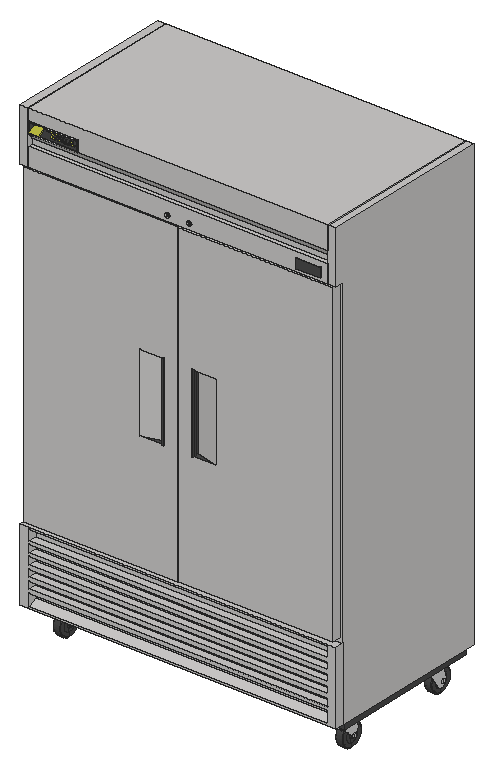
Revit family "QF_TRUE_TS-49F-HC_cat", category Specialty Equipment, Revit 2014
Parameters
  Width = 54 1/8"
  Weight = "440"
  Watts = Volts * FL Amps  # 1104 W
  Volts = 115 V
  URL Manufacturer = "www.truemfg.com"
  URL Cutsheet = "www.truemfg.com"
  URL = "www.truemfg.com"
  Type Mark [instance] = ""
  Type Comments = "www.truemfg.com"
  Status [instance] = ""
  Specification by User [instance] = ""
  Specification by Manufacturer = ""
  Show Seismic Flanged [instance] = no
  Show Logo [instance] = yes
  Show Legs [instance] = no
  Show Clearance [instance] = yes
  Serial Number = ""
  Seismic Rating = ""
  Seismic Plate [instance] = and(Show Seismic Flanged, not(Show Casters))  # no
  SMACNA No = ""
  Revision Code [instance] = ""
  Phase = 1
  Omniclass Number and Title = ""
  Number of Poles [instance] = 1
  NAFEM Spec ID Number = ""
  Model = "TS-49F-HC"
  Min Ckt Ampacity = 0 A
  Max Overcurrent Protection = 0 A
  MasterSpec. = ""
  Manufacturer = "TRUE FOOD SERVICE EQUIPMENT, INC."
  Legs [instance] = or(Show Legs, Show Seismic Flanged)  # no
  Item Number [instance] = ""
  Installed By [instance] = ""
  Identify Quantity as Lot [instance] = yes
  Height = 83 5/16"
  HP = "1/2"
  Furnished By [instance] = ""
  Foodservice Equipment Identifier [instance] = yes
  FL Amps = 9.6 A
  Electrical Remarks [instance] = "230-240/50/1"
  Electric Connection Type [instance] = ""
  Elec Conn RI Height [instance] = 0"
  Elec Conn Connection Height [instance] = 0"
  Description = "REACH-IN SOLID SWING DOOR STAINLESS STEEL FREEZER WITH HYDROCARBON REFRIGERANT"
  Depth = 29 1/2"
  Cycle = 60 Hz
  Conn Plug = "NEMA-5-15P"
  Conn Conduit = yes
  Show Casters [instance] = and(not(Show Legs), not(Show Seismic Flanged))  # yes
  CSI MasterFormat = ""
  CSI Master Format = ""
  Body Finish = QF_Finishes_Stainless Steel
  Base Height [instance] = if(Show Casters, 5", 6")  # 5"
  Apparent Power = if(Phase = 3, Volts * FL Amps * 1.73, Volts * FL Amps)  # 1104 VA
Reference planes (in)
  plane 1 "BACK": y = 0
  plane 2: z = 0
  plane 3 "LEFT": x = 0
  plane 4 "RIGHT": x = 54.125
  plane 5 "x": y = -31.09375
  plane 6 "TOP": z = 84.3125
  plane 7: z = 5
  plane 8 "FRONT": y = -29.5
  plane 9: z = 83.3125
Forms (in)
  Revolve 1, solid, material "QF_Finishes_Black", visible <- "Show Casters"
    sketch origin (53.28125, -23.20176, 0.5) x (-1, 0, 0) y (0, 0, -1)
      loop
        line (1.475, -3.5) -> (2.525, -3.5) -> (2.62908, -3.39592) -> (2.62908, -2.79941) -> (2.46399, -2.79941) -> (2.46399, -2.04941) -> (2.62908, -2.04941) -> (2.62908, -1.79941) -> (3.025, -1.79941) -> (3.025, -1.5) -> (0.975, -1.5) -> (0.975, -1.79941) -> (1.375, -1.79941) -> (1.375, -2.04941) -> (1.53601, -2.04941) -> (1.53601, -2.79941) -> (1.375, -2.79941) -> (1.375, -3.4) -> (1.475, -3.5)
      axis (3.025, -1.5) -> (0.975, -1.5)
    angle from 0 to 360
  Extrusion 2, solid, material "QF_Finishes_Handrails and Railings", visible <- "Show Casters"
    sketch origin (53.28125, -2.93273, 0.00141) x (0, 1, 0) y (0, 0, -1)
      loop
        line (-22.72048, -4.36074) -> (-19.97048, -4.36074) -> (-19.32266, -3.00185)
        arc (-19.32266, -3.00185) -> (-19.76408, -2.15178) -> (-20.72128, -2.18736) r 0.8952
        line (-20.72128, -2.18736) -> (-22.47048, -3.75589) -> (-22.72048, -3.75589) -> (-22.72048, -4.36074)
      loop
        line (-3.8577, -4.36074) -> (-1.1077, -4.36074) -> (-0.49013, -2.16805)
        arc (-0.49013, -2.16805) -> (-0.83033, -1.19773) -> (-1.8585, -1.18736) r 0.8952
        line (-1.8585, -1.18736) -> (-3.6077, -3.75589) -> (-3.8577, -3.75589) -> (-3.8577, -4.36074)
    from 1.175 to 1.325
  Extrusion 3, solid, material "QF_Finishes_Handrails and Railings", visible <- "Show Casters"
    sketch origin (51.78125, -2.93273, 0.00141) x (0, 1, 0) y (0, 0, -1)
      loop
        line (-22.72048, -4.36074) -> (-19.97048, -4.36074) -> (-19.32266, -3.00185)
        arc (-19.32266, -3.00185) -> (-19.76408, -2.15178) -> (-20.72128, -2.18736) r 0.8952
        line (-20.72128, -2.18736) -> (-22.47048, -3.75589) -> (-22.72048, -3.75589) -> (-22.72048, -4.36074)
      loop
        line (-3.8577, -4.36074) -> (-1.1077, -4.36074) -> (-0.49013, -2.16805)
        arc (-0.49013, -2.16805) -> (-0.83033, -1.19773) -> (-1.8585, -1.18736) r 0.8952
        line (-1.8585, -1.18736) -> (-3.6077, -3.75589) -> (-3.8577, -3.75589) -> (-3.8577, -4.36074)
    from 1.175 to 1.325
  Revolve 4, solid, material "QF_Finishes_Chrome - Satin", visible <- "Show Casters"
    sketch origin (53.28125, -24.38926, -1.49859) x (-1, 0, 0) y (0, 0, -1)
      loop
        line (2, -6.49859) -> (2, -5.86074) -> (0.70293, -5.86074) -> (0.70293, -6.49859) -> (2, -6.49859)
      axis (2, -5.86074) -> (2, -6.49859)
    angle from 0 to 360
  Revolve 5, solid, material "QF_Finishes_Chrome - Satin", visible <- "Show Casters"
    sketch origin (53.28125, -5.63594, -0.49859) x (-1, 0, 0) y (0, 0, -1)
      loop
        line (2, -4.86074) -> (0.70293, -4.86074) -> (0.70293, -5.49859) -> (2, -5.49859) -> (2, -4.86074)
      axis (2, -4.86074) -> (2, -5.49859)
    angle from 0 to 360
  Extrusion 6, solid, material "QF_Finishes_Handrails and Railings", visible <- "Show Casters"
    sketch origin (101.0625, -2.93273, 0.00141) x (0, 1, 0) y (0, 0, -1)
      loop
        line (-3.8577, -4.36074) -> (-1.1077, -4.36074) -> (-1.07167, -4.06727) -> (-3.6077, -3.75589) -> (-3.8577, -3.75589) -> (-3.8577, -4.36074)
      loop
        line (-22.72048, -4.36074) -> (-19.97048, -4.36074) -> (-19.93445, -4.06727) -> (-22.47048, -3.75589) -> (-22.72048, -3.75589) -> (-22.72048, -4.36074)
    from 49.10625 to 50.45625
  Revolve 7, solid, material "QF_Finishes_Black", visible <- "Show Casters"
    sketch origin (53.28125, -4.15148, 0.5) x (-1, 0, 0) y (0, 0, -1)
      loop
        line (1.475, -3.5) -> (2.525, -3.5) -> (2.62908, -3.39592) -> (2.62908, -2.79941) -> (2.46399, -2.79941) -> (2.46399, -2.04941) -> (2.62908, -2.04941) -> (2.62908, -1.79941) -> (3.025, -1.79941) -> (3.025, -1.5) -> (0.975, -1.5) -> (0.975, -1.79941) -> (1.375, -1.79941) -> (1.375, -2.04941) -> (1.53601, -2.04941) -> (1.53601, -2.79941) -> (1.375, -2.79941) -> (1.375, -3.4) -> (1.475, -3.5)
      axis (3.025, -1.5) -> (0.975, -1.5)
    angle from 0 to 360
  Revolve 8, solid, material "QF_Finishes_Black", visible <- "Show Casters"
    sketch origin (0.84375, -23.20176, 0.5) x (1, 0, 0) y (0, 0, 1)
      loop
        line (1.475, 3.5) -> (1.375, 3.4) -> (1.375, 2.79941) -> (1.53601, 2.79941) -> (1.53601, 2.04941) -> (1.375, 2.04941) -> (1.375, 1.79941) -> (0.975, 1.79941) -> (0.975, 1.5) -> (3.025, 1.5) -> (3.025, 1.79941) -> (2.62908, 1.79941) -> (2.62908, 2.04941) -> (2.46399, 2.04941) -> (2.46399, 2.79941) -> (2.62908, 2.79941) -> (2.62908, 3.39592) -> (2.525, 3.5) -> (1.475, 3.5)
      axis (3.025, 1.5) -> (0.975, 1.5)
    angle from 0 to 360
  Extrusion 9, solid, material "QF_Finishes_Handrails and Railings", visible <- "Show Casters"
    sketch origin (0.84375, -2.93273, 0.00141) x (0, 1, 0) y (0, 0, 1)
      loop
        line (-22.72048, 4.36074) -> (-22.72048, 3.75589) -> (-22.47048, 3.75589) -> (-20.72128, 2.18736)
        arc (-20.72128, 2.18736) -> (-19.76408, 2.15178) -> (-19.32266, 3.00185) r 0.8952
        line (-19.32266, 3.00185) -> (-19.97048, 4.36074) -> (-22.72048, 4.36074)
      loop
        line (-3.8577, 4.36074) -> (-3.8577, 3.75589) -> (-3.6077, 3.75589) -> (-1.8585, 2.18736)
        arc (-1.8585, 2.18736) -> (-0.83033, 2.19773) -> (-0.49013, 3.16805) r 0.8952
        line (-0.49013, 3.16805) -> (-1.1077, 4.36074) -> (-3.8577, 4.36074)
    from 1.175 to 1.325
  Revolve 10, solid, material "QF_Finishes_Chrome - Satin", visible <- "Show Casters"
    sketch origin (0.84375, -24.38926, -1.49859) x (1, 0, 0) y (0, 0, 1)
      loop
        line (2, 6.49859) -> (0.70293, 6.49859) -> (0.70293, 5.86074) -> (2, 5.86074) -> (2, 6.49859)
      axis (2, 5.86074) -> (2, 6.49859)
    angle from 0 to 360
  Revolve 11, solid, material "QF_Finishes_Chrome - Satin", visible <- "Show Casters"
    sketch origin (0.84375, -5.63594, -0.49859) x (1, 0, 0) y (0, 0, 1)
      loop
        line (2, 4.86074) -> (2, 5.49859) -> (0.70293, 5.49859) -> (0.70293, 4.86074) -> (2, 4.86074)
      axis (2, 4.86074) -> (2, 5.49859)
    angle from 0 to 360
  Extrusion 12, solid, material "QF_Finishes_Handrails and Railings", visible <- "Show Casters"
    sketch origin (-46.9375, -2.93273, 0.00141) x (0, 1, 0) y (0, 0, 1)
      loop
        line (-3.8577, 4.36074) -> (-3.8577, 3.75589) -> (-3.6077, 3.75589) -> (-1.07167, 4.06727) -> (-1.1077, 4.36074) -> (-3.8577, 4.36074)
      loop
        line (-22.72048, 4.36074) -> (-22.72048, 3.75589) -> (-22.47048, 3.75589) -> (-19.93445, 4.06727) -> (-19.97048, 4.36074) -> (-22.72048, 4.36074)
    from 49.10625 to 50.45625
  Revolve 13, solid, material "QF_Finishes_Black", visible <- "Show Casters"
    sketch origin (0.84375, -4.15148, 0.5) x (1, 0, 0) y (0, 0, 1)
      loop
        line (1.475, 3.5) -> (1.375, 3.4) -> (1.375, 2.79941) -> (1.53601, 2.79941) -> (1.53601, 2.04941) -> (1.375, 2.04941) -> (1.375, 1.79941) -> (0.975, 1.79941) -> (0.975, 1.5) -> (3.025, 1.5) -> (3.025, 1.79941) -> (2.62908, 1.79941) -> (2.62908, 2.04941) -> (2.46399, 2.04941) -> (2.46399, 2.79941) -> (2.62908, 2.79941) -> (2.62908, 3.39592) -> (2.525, 3.5) -> (1.475, 3.5)
      axis (3.025, 1.5) -> (0.975, 1.5)
    angle from 0 to 360
  Revolve 14, solid, material "QF_Finishes_Stainless Steel" <- "Body Finish", visible <- "Legs"
    sketch origin (0.84375, -23.09219, 0) x (1, 0, 0) y (0, 0, 1)
      loop
        line (2, 5) -> (0.68084, 5) -> (1.25, 1) -> (1.5, 1) -> (1.5, 0) -> (2, 0) -> (2, 5)
      axis (2, 0) -> (2, 5)
    angle from 0 to 360
  Revolve 15, solid, material "QF_Finishes_Stainless Steel" <- "Body Finish", visible <- "Legs"
    sketch origin (0.84375, -4.15148, 0) x (1, 0, 0) y (0, 0, -1)
      loop
        line (2, -5) -> (2, 0) -> (1.5, 0) -> (1.5, -1) -> (1.25, -1) -> (0.68084, -5) -> (2, -5)
      axis (2, 0) -> (2, -5)
    angle from 0 to 360
  Extrusion 16, solid, material "QF_Finishes_Stainless Steel" <- "Body Finish", visible <- "Seismic Plate"
    sketch origin (-0.22541, -2.45732, 0) x (1, 0, 0) y (0, 1, 0)
      loop
        circle (3.06916, -1.69416) r 1.5
    from 0 to 0.25
  Extrusion 17, solid, material "QF_Finishes_Stainless Steel" <- "Body Finish", visible <- "Seismic Plate"
    sketch origin (-0.22541, -21.39804, 0) x (1, 0, 0) y (0, 1, 0)
      loop
        circle (3.06916, -1.69416) r 1.5
    from 0 to 0.25
  Revolve 18, solid, material "QF_Finishes_Stainless Steel" <- "Body Finish", visible <- "Legs"
    sketch origin (53.28125, -23.09219, 0) x (-1, 0, 0) y (0, 0, -1)
      loop
        line (2, -5) -> (2, 0) -> (1.5, 0) -> (1.5, -1) -> (1.25, -1) -> (0.68084, -5) -> (2, -5)
      axis (2, 0) -> (2, -5)
    angle from 0 to 360
  Revolve 19, solid, material "QF_Finishes_Stainless Steel" <- "Body Finish", visible <- "Legs"
    sketch origin (53.28125, -4.15148, 0) x (-1, 0, 0) y (0, 0, 1)
      loop
        line (2, 5) -> (0.68084, 5) -> (1.25, 1) -> (1.5, 1) -> (1.5, 0) -> (2, 0) -> (2, 5)
      axis (2, 0) -> (2, 5)
    angle from 0 to 360
  Extrusion 20, solid, material "QF_Finishes_Stainless Steel" <- "Body Finish", visible <- "Seismic Plate"
    sketch origin (54.35041, -2.45732, 0) x (-1, 0, 0) y (0, -1, 0)
      loop
        circle (3.06916, 1.69416) r 1.5
    from 0 to 0.25
  Extrusion 21, solid, material "QF_Finishes_Stainless Steel" <- "Body Finish", visible <- "Seismic Plate"
    sketch origin (54.35041, -21.39804, 0) x (-1, 0, 0) y (0, -1, 0)
      loop
        circle (3.06916, 1.69416) r 1.5
    from 0 to 0.25
  Extrusion 22, solid, material "QF_Finishes_Chrome - Satin"
    sketch origin (0, 0, 0) x (1, 0, 0) y (0, 0, 1)
      loop
        circle (6.0625, 12) r 0.25
    from 0 to 0.0625
  Extrusion 23, solid, material "QF_Finishes_Handrails and Railings", visible <- "Show Casters"
    sketch origin (4.84375, -2.93273, 0.00141) x (0, 1, 0) y (0, 0, -1)
      loop
        line (-22.72048, -4.36074) -> (-19.97048, -4.36074) -> (-19.32266, -3.00185)
        arc (-19.32266, -3.00185) -> (-19.76408, -2.15178) -> (-20.72128, -2.18736) r 0.8952
        line (-20.72128, -2.18736) -> (-22.47048, -3.75589) -> (-22.72048, -3.75589) -> (-22.72048, -4.36074)
      loop
        line (-3.8577, -4.36074) -> (-1.1077, -4.36074) -> (-0.49013, -3.16805)
        arc (-0.49013, -3.16805) -> (-0.83033, -2.19773) -> (-1.8585, -2.18736) r 0.8952
        line (-1.8585, -2.18736) -> (-3.6077, -3.75589) -> (-3.8577, -3.75589) -> (-3.8577, -4.36074)
    from 1.175 to 1.325
Lines and regions (in)
  symbolic lines, style "SpecialityEquipmentHiddenLines", visible <- "Show Casters"
    curve 1: line (1.38909, -5.62103, 0) -> (2.29841, -6.14603, 0)
    curve 2: line (3.38909, -2.15693, 0) -> (1.38909, -5.62103, 0)
    curve 3: line (4.29841, -2.68193, 0) -> (3.38909, -2.15693, 0)
    curve 4: line (2.29841, -6.14603, 0) -> (4.29841, -2.68193, 0)
    curve 5: line (49.82659, -5.62103, 0) -> (50.73591, -6.14603, 0)
    curve 6: line (51.82659, -2.15693, 0) -> (49.82659, -5.62103, 0)
    curve 7: line (52.73591, -2.68193, 0) -> (51.82659, -2.15693, 0)
    curve 8: line (50.73591, -6.14603, 0) -> (52.73591, -2.68193, 0)
    curve 9: line (1.38909, -24.67131, 0) -> (2.29841, -25.19631, 0)
    curve 10: line (3.38909, -21.20721, 0) -> (1.38909, -24.67131, 0)
    curve 11: line (4.29841, -21.73221, 0) -> (3.38909, -21.20721, 0)
    curve 12: line (2.29841, -25.19631, 0) -> (4.29841, -21.73221, 0)
    curve 13: line (49.82659, -24.67131, 0) -> (50.73591, -25.19631, 0)
    curve 14: line (51.82659, -21.20721, 0) -> (49.82659, -24.67131, 0)
    curve 15: line (52.73591, -21.73221, 0) -> (51.82659, -21.20721, 0)
    curve 16: line (50.73591, -25.19631, 0) -> (52.73591, -21.73221, 0)
Dimensions and locks (in)
  "Width": plane 3 "LEFT" to plane 4 "RIGHT"
  "Base Height": plane 7 to level
  locked: plane 7 to Revolve 8 sketch curve at 3
  locked: plane 7 to Revolve 13 sketch curve at 3
  plane 1 "BACK" to plane 5 "x" = 31 3/32"
  Extrusion 22 sketch curve to Extrusion 22 sketch curve to plane 7 = 1/2" locked, 6 3/4" locked
  "Height": nested 1 to level
  "Depth": plane 8 "FRONT" to plane 1 "BACK"
  plane 5 "x" to plane 1 "BACK" = 31 3/32"
  aligned and locked: level to plane 2
  aligned and locked: plane 7 to Revolve 4  (x2)
  aligned and locked: Revolve 4 to Extrusion 3
  aligned and locked: Revolve 11 to Revolve 10
  aligned and locked: Revolve 10 to plane 7  (x2)
  aligned and locked: Revolve 11 to plane 7
  aligned and locked: Revolve 5 to Revolve 4
  aligned and locked: plane 7 to Revolve 5
  aligned and locked: plane 1 "BACK" to nested 1
  aligned and locked: plane 3 "LEFT" to nested 1
  aligned and locked: plane 7 to nested 1
Automatic sketch dimensions
  Revolve 1 sketch curve to plane 4 "RIGHT" = 1.33602"
  Revolve 1 sketch curve to Revolve 1 sketch curve = 0.48273"
  Revolve 1 sketch curve to Revolve 1 sketch curve = 0.4"  (x2)
  Revolve 1 sketch curve to Revolve 1 sketch curve = 0.1"  (x2)
  Revolve 1 sketch curve to Revolve 1 sketch curve = 0.16101"
  Revolve 1 sketch curve to Revolve 1 sketch curve = 0.59307"
  Revolve 1 sketch curve to Revolve 1 sketch curve = 0.92798"
  Revolve 1 sketch curve to Revolve 1 sketch curve = 0.06101"
  Revolve 1 sketch curve to Revolve 1 sketch curve = 0.16509"  (x2)
  Revolve 1 sketch curve to Revolve 1 sketch curve = 0.39592"
  Revolve 1 sketch curve to plane 7 = 1"
  Revolve 1 sketch curve to Revolve 1 sketch curve = 0.10408"
  Revolve 1 sketch curve to Revolve 1 sketch curve = 0.59652"
  Revolve 1 sketch curve to Revolve 1 sketch curve = 0.60059"
  Revolve 1 sketch curve to Revolve 1 sketch curve = 3/4"  (x2)
  Revolve 1 sketch curve to Revolve 1 sketch curve = 1/4"  (x2)
  Revolve 1 sketch curve to Revolve 1 sketch curve = 0.29941"  (x2)
  Extrusion 2 sketch curve to plane 7 = 1.24271"  (x2)
  Extrusion 2 sketch curve to plane 5 "x" = 5.44054"
  Extrusion 2 sketch curve to Extrusion 2 sketch curve = 1/4"  (x2)
  level to Extrusion 2 sketch curve = 2.18876"
  Extrusion 2 sketch curve to Extrusion 2 sketch curve = 1.7492"  (x2)
  Extrusion 2 sketch curve to Extrusion 2 sketch curve = 0.50669"  (x2)
  Extrusion 2 sketch curve to plane 7 = 0.63785"  (x2)
  Extrusion 2 sketch curve to Extrusion 2 sketch curve = 0.24411"  (x2)
  Extrusion 2 sketch curve to Extrusion 2 sketch curve = 0.89192"
  plane 1 "BACK" to Extrusion 2 sketch curve = 6.79043"
  level to Extrusion 2 sketch curve = 1.18876"
  Extrusion 2 sketch curve to Extrusion 2 sketch curve = 0.86168"
  Extrusion 2 sketch curve to Extrusion 2 sketch curve = 1.35889"
  Extrusion 2 sketch curve to Extrusion 2 sketch curve = 0.98069"
  Extrusion 3 sketch curve to plane 7 = 1.24271"  (x2)
  Extrusion 3 sketch curve to plane 5 "x" = 5.44054"
  Extrusion 3 sketch curve to Extrusion 3 sketch curve = 1/4"  (x2)
  level to Extrusion 3 sketch curve = 2.18876"
  Extrusion 3 sketch curve to Extrusion 3 sketch curve = 1.7492"  (x2)
  Extrusion 3 sketch curve to Extrusion 3 sketch curve = 0.50669"  (x2)
  Extrusion 3 sketch curve to plane 7 = 0.63785"  (x2)
  Extrusion 3 sketch curve to Extrusion 3 sketch curve = 0.24411"  (x2)
  Extrusion 3 sketch curve to Extrusion 3 sketch curve = 0.89192"
  plane 1 "BACK" to Extrusion 3 sketch curve = 6.79043"
  level to Extrusion 3 sketch curve = 1.18876"
  Extrusion 3 sketch curve to Extrusion 3 sketch curve = 0.86168"
  Extrusion 3 sketch curve to Extrusion 3 sketch curve = 1.35889"
  Extrusion 3 sketch curve to Extrusion 3 sketch curve = 0.98069"
  Revolve 4 sketch curve to plane 7 = 0"
  Revolve 4 sketch curve to plane 4 "RIGHT" = 1.54668"
  Revolve 4 sketch curve to Revolve 4 sketch curve = 1.29707"
  Revolve 4 sketch curve to Revolve 4 sketch curve = 0"
  Revolve 4 sketch curve to Revolve 4 sketch curve = 0.26909"
  Revolve 4 sketch curve to plane 7 = 0.63785"
  Revolve 4 sketch curve to Revolve 4 sketch curve = 0.09306"
  Revolve 5 sketch curve to plane 7 = 0"
  Revolve 5 sketch curve to plane 7 = 0.63785"
  Revolve 5 sketch curve to plane 4 "RIGHT" = 1.54668"
  Revolve 5 sketch curve to Revolve 5 sketch curve = 1.29707"
  Revolve 5 sketch curve to Revolve 5 sketch curve = 0"
  plane 7 to Revolve 5 sketch curve = 0.26909"
  Revolve 5 sketch curve to Revolve 5 sketch curve = 0.09306"
  Extrusion 6 sketch curve to plane 7 = 0.63785"  (x2)
  Extrusion 6 sketch curve to plane 5 "x" = 5.44054"
  Extrusion 6 sketch curve to plane 7 = 1.24271"  (x2)
  Extrusion 6 sketch curve to Extrusion 6 sketch curve = 1/4"  (x2)
  Extrusion 6 sketch curve to Extrusion 6 sketch curve = 2 1/2"  (x2)
  Extrusion 6 sketch curve to plane 7 = 0.93132"  (x2)
  plane 1 "BACK" to Extrusion 6 sketch curve = 6.79043"
  Revolve 7 sketch curve to plane 4 "RIGHT" = 1.33602"
  Revolve 7 sketch curve to Revolve 7 sketch curve = 0.48273"
  Revolve 7 sketch curve to Revolve 7 sketch curve = 0.4"  (x2)
  Revolve 7 sketch curve to Revolve 7 sketch curve = 0.1"  (x2)
  Revolve 7 sketch curve to Revolve 7 sketch curve = 0.16101"
  Revolve 7 sketch curve to Revolve 7 sketch curve = 0.59307"
  Revolve 7 sketch curve to Revolve 7 sketch curve = 0.92798"
  Revolve 7 sketch curve to Revolve 7 sketch curve = 0.06101"
  Revolve 7 sketch curve to Revolve 7 sketch curve = 0.16509"  (x2)
  Revolve 7 sketch curve to Revolve 7 sketch curve = 0.39592"
  Revolve 7 sketch curve to plane 7 = 1"
  Revolve 7 sketch curve to Revolve 7 sketch curve = 0.10408"
  Revolve 7 sketch curve to Revolve 7 sketch curve = 0.59652"
  Revolve 7 sketch curve to Revolve 7 sketch curve = 0.60059"
  Revolve 7 sketch curve to Revolve 7 sketch curve = 3/4"  (x2)
  Revolve 7 sketch curve to Revolve 7 sketch curve = 1/4"  (x2)
  Revolve 7 sketch curve to Revolve 7 sketch curve = 0.29941"  (x2)
  plane 3 "LEFT" to Revolve 8 sketch curve = 1.33602"
  Revolve 8 sketch curve to Revolve 8 sketch curve = 0.48273"
  Revolve 8 sketch curve to Revolve 8 sketch curve = 0.4"  (x2)
  Revolve 8 sketch curve to Revolve 8 sketch curve = 0.1"  (x2)
  Revolve 8 sketch curve to Revolve 8 sketch curve = 0.16101"
  Revolve 8 sketch curve to Revolve 8 sketch curve = 0.59307"
  Revolve 8 sketch curve to Revolve 8 sketch curve = 0.92798"
  Revolve 8 sketch curve to Revolve 8 sketch curve = 0.06101"
  Revolve 8 sketch curve to Revolve 8 sketch curve = 0.16509"  (x2)
  Revolve 8 sketch curve to Revolve 8 sketch curve = 0.39592"
  Revolve 8 sketch curve to Revolve 8 sketch curve = 0"
  Revolve 8 sketch curve to Revolve 8 sketch curve = 0.29941"  (x2)
  Revolve 8 sketch curve to Revolve 8 sketch curve = 1/4"  (x2)
  Revolve 8 sketch curve to Revolve 8 sketch curve = 3/4"  (x2)
  Revolve 8 sketch curve to Revolve 8 sketch curve = 0.59652"
  Revolve 8 sketch curve to Revolve 8 sketch curve = 0.60059"
  Extrusion 9 sketch curve to plane 7 = 1.24271"  (x2)
  Extrusion 9 sketch curve to plane 5 "x" = 5.44054"
  Extrusion 9 sketch curve to Extrusion 9 sketch curve = 1/4"  (x2)
  level to Extrusion 9 sketch curve = 2.18876"  (x2)
  Extrusion 9 sketch curve to Extrusion 9 sketch curve = 1.7492"  (x2)
  Extrusion 9 sketch curve to Extrusion 9 sketch curve = 0.50669"  (x2)
  Extrusion 9 sketch curve to plane 7 = 0.63785"  (x2)
  Extrusion 9 sketch curve to Extrusion 9 sketch curve = 0.24411"  (x2)
  Extrusion 9 sketch curve to Extrusion 9 sketch curve = 0.89192"
  plane 1 "BACK" to Extrusion 9 sketch curve = 6.79043"
  Extrusion 9 sketch curve to Extrusion 9 sketch curve = 0.86168"
  Extrusion 9 sketch curve to Extrusion 9 sketch curve = 0.738"  (x2)
  Revolve 10 sketch curve to plane 7 = 0"
  plane 3 "LEFT" to Revolve 10 sketch curve = 1.54668"
  Revolve 10 sketch curve to Revolve 10 sketch curve = 1.29707"
  Revolve 10 sketch curve to Revolve 10 sketch curve = 0"
  Revolve 10 sketch curve to Revolve 10 sketch curve = 0.63785"
  Revolve 10 sketch curve to Revolve 10 sketch curve = 0.09306"
  plane 7 to Revolve 10 sketch curve = 0.26909"
  Revolve 11 sketch curve to plane 7 = 0"
  Revolve 11 sketch curve to plane 7 = 0.63785"
  plane 3 "LEFT" to Revolve 11 sketch curve = 1.54668"
  Revolve 11 sketch curve to Revolve 11 sketch curve = 1.29707"
  Revolve 11 sketch curve to Revolve 11 sketch curve = 0"
  Revolve 11 sketch curve to Revolve 11 sketch curve = 0.09306"
  Revolve 11 sketch curve to Revolve 11 sketch curve = 0.26909"
  Extrusion 12 sketch curve to plane 7 = 0.63785"  (x2)
  Extrusion 12 sketch curve to plane 5 "x" = 5.44054"
  Extrusion 12 sketch curve to plane 7 = 1.24271"  (x2)
  Extrusion 12 sketch curve to Extrusion 12 sketch curve = 1/4"  (x2)
  Extrusion 12 sketch curve to Extrusion 12 sketch curve = 2 1/2"  (x2)
  Extrusion 12 sketch curve to plane 7 = 0.93132"  (x2)
  plane 1 "BACK" to Extrusion 12 sketch curve = 6.79043"
  plane 3 "LEFT" to Revolve 13 sketch curve = 1.33602"
  Revolve 13 sketch curve to Revolve 13 sketch curve = 0.48273"
  Revolve 13 sketch curve to Revolve 13 sketch curve = 0.4"  (x2)
  Revolve 13 sketch curve to Revolve 13 sketch curve = 0.1"  (x2)
  Revolve 13 sketch curve to Revolve 13 sketch curve = 0.16101"
  Revolve 13 sketch curve to Revolve 13 sketch curve = 0.59307"
  Revolve 13 sketch curve to Revolve 13 sketch curve = 0.92798"
  Revolve 13 sketch curve to Revolve 13 sketch curve = 0.06101"
  Revolve 13 sketch curve to Revolve 13 sketch curve = 0.16509"  (x2)
  Revolve 13 sketch curve to Revolve 13 sketch curve = 0.39592"
  Revolve 13 sketch curve to Revolve 13 sketch curve = 0"
  Revolve 13 sketch curve to Revolve 13 sketch curve = 0.29941"  (x2)
  Revolve 13 sketch curve to Revolve 13 sketch curve = 1/4"  (x2)
  Revolve 13 sketch curve to Revolve 13 sketch curve = 3/4"  (x2)
  Revolve 13 sketch curve to Revolve 13 sketch curve = 0.59652"
  Revolve 13 sketch curve to Revolve 13 sketch curve = 0.60059"
  Revolve 14 sketch curve to plane 7 = 0"
  Revolve 14 sketch curve to level = 0"
  plane 3 "LEFT" to Revolve 14 sketch curve = 1.52459"
  level to Revolve 14 sketch curve = 1"
  plane 3 "LEFT" to Revolve 14 sketch curve = 2 3/32"
  Revolve 14 sketch curve to Revolve 14 sketch curve = 1/4"
  Revolve 14 sketch curve to Revolve 14 sketch curve = 1/2"  (x2)
  Revolve 14 sketch curve to Revolve 14 sketch curve = 0"
  plane 7 to Revolve 14 sketch curve = 1 29/32"
  Revolve 15 sketch curve to plane 7 = 0"
  Revolve 15 sketch curve to level = 0"
  plane 3 "LEFT" to Revolve 15 sketch curve = 1.52459"
  level to Revolve 15 sketch curve = 1"
  plane 3 "LEFT" to Revolve 15 sketch curve = 2 3/32"
  Revolve 15 sketch curve to Revolve 15 sketch curve = 1/4"
  Revolve 15 sketch curve to Revolve 15 sketch curve = 1/2"  (x2)
  Revolve 15 sketch curve to Revolve 15 sketch curve = 0"
  plane 7 to Revolve 15 sketch curve = 1 29/32"
  plane 3 "LEFT" to Extrusion 16 sketch curve = 2 27/32"
  plane 1 "BACK" to Extrusion 16 sketch curve = 4.15148"
  plane 3 "LEFT" to Extrusion 17 sketch curve = 2 27/32"
  Extrusion 17 sketch curve to plane 5 "x" = 8.00156"
  Revolve 18 sketch curve to plane 7 = 0"
  Revolve 18 sketch curve to level = 0"
  Revolve 18 sketch curve to plane 4 "RIGHT" = 1.52459"
  level to Revolve 18 sketch curve = 1"
  Revolve 18 sketch curve to plane 4 "RIGHT" = 2 3/32"
  Revolve 18 sketch curve to Revolve 18 sketch curve = 1/4"
  Revolve 18 sketch curve to Revolve 18 sketch curve = 1/2"  (x2)
  Revolve 18 sketch curve to Revolve 18 sketch curve = 0"
  plane 7 to Revolve 18 sketch curve = 1 29/32"
  Revolve 19 sketch curve to plane 7 = 0"
  Revolve 19 sketch curve to level = 0"
  Revolve 19 sketch curve to plane 4 "RIGHT" = 1.52459"
  level to Revolve 19 sketch curve = 1"
  Revolve 19 sketch curve to plane 4 "RIGHT" = 2 3/32"
  Revolve 19 sketch curve to Revolve 19 sketch curve = 1/4"
  Revolve 19 sketch curve to Revolve 19 sketch curve = 1/2"  (x2)
  Revolve 19 sketch curve to Revolve 19 sketch curve = 0"
  plane 7 to Revolve 19 sketch curve = 1 29/32"
  Extrusion 20 sketch curve to plane 4 "RIGHT" = 2 27/32"
  plane 1 "BACK" to Extrusion 20 sketch curve = 4.15148"
  Extrusion 21 sketch curve to plane 4 "RIGHT" = 2 27/32"
  Extrusion 21 sketch curve to plane 5 "x" = 8.00156"
  plane 3 "LEFT" to Extrusion 22 sketch curve = 6 1/16"
  Extrusion 23 sketch curve to plane 7 = 1.24271"  (x2)
  Extrusion 23 sketch curve to plane 5 "x" = 5.44054"
  Extrusion 23 sketch curve to Extrusion 23 sketch curve = 1/4"  (x2)
  level to Extrusion 23 sketch curve = 2.18876"
  Extrusion 23 sketch curve to Extrusion 23 sketch curve = 1.7492"  (x2)
  Extrusion 23 sketch curve to Extrusion 23 sketch curve = 0.50669"  (x2)
  Extrusion 23 sketch curve to plane 7 = 0.63785"  (x2)
  Extrusion 23 sketch curve to Extrusion 23 sketch curve = 0.24411"  (x2)
  Extrusion 23 sketch curve to Extrusion 23 sketch curve = 0.89192"
  plane 1 "BACK" to Extrusion 23 sketch curve = 6.79043"
  Extrusion 23 sketch curve to Extrusion 23 sketch curve = 0.86168"
  Extrusion 23 sketch curve to Extrusion 23 sketch curve = 1.19269"
  Extrusion 23 sketch curve to Extrusion 23 sketch curve = 1.35889"
  Extrusion 23 sketch curve to Extrusion 23 sketch curve = 0.24269"
  plane 3 "LEFT" to curve 2 = 1.38909"
  plane 3 "LEFT" to curve 10 = 1.38909"
  curve 1 to curve 1 = 0.90933"
  curve 9 to curve 9 = 0.90933"
  plane 3 "LEFT" to curve 2 = 3.38909"
  plane 3 "LEFT" to curve 11 = 3.38909"
  curve 13 to plane 4 "RIGHT" = 4.29841"
  curve 6 to plane 4 "RIGHT" = 4.29841"
  curve 13 to curve 13 = 0.90933"
  curve 5 to curve 8 = 0.90933"
  curve 15 to plane 4 "RIGHT" = 2.29841"
  curve 7 to plane 4 "RIGHT" = 2.29841"
  curve 13 to curve 14 = 0.525"
  curve 9 to curve 10 = 0.525"
  plane 1 "BACK" to curve 8 = 6.14603"
  plane 1 "BACK" to curve 1 = 6.14603"
  curve 5 to curve 6 = 0.525"
  curve 1 to curve 2 = 0.525"
  curve 14 to plane 5 "x" = 9.88654"
  curve 11 to plane 5 "x" = 9.88654"
  radius of Extrusion 16 sketch curve = 1 1/2"
  radius of Extrusion 17 sketch curve = 1 1/2"
  radius of Extrusion 20 sketch curve = 1 1/2"
  radius of Extrusion 21 sketch curve = 1 1/2"
Nested families (in)
  nested 1: "TS-49-2" at (0, 0, -1), Logo <- "Show Logo", Show Clearance <- "Show Clearance", type "TS-49-2"
    with Type Mark "", Specification by User "", Show Clearance yes, Revision Code "", Logo yes, Item Number "", Installed By "", Identify Quantity as Lot yes, Furnished By "", Foodservice Equipment Identifier yes
Connectors (in)
  electrical at (6.0625, 0, 12), driven by "Volts", driven by "Watts"
    settings: on Extrusion 22, index 1, voltage 115 V, apparent load 1104 VA, apparent load phase1 0 VA, apparent load phase2 0 VA, apparent load phase3 0 VA, power factor 1, load classification "Other", number of poles 1, system type 30, power factor state 1, is connector primary yes, connector utility no, sub classification motor no, connector description "ELECTRICAL CONNECTION"
Definition of nested family "TS-49-2"
  Parameters (values of type "T-49")
    URL = "www.truemfg.com"
    Type Mark [instance] = ""
    Type Comments = "www.truemfg.com"
    Specification by User [instance] = ""
    Specification by Manufacturer = ""
    Show Clearance [instance] = yes
    Serial Number = ""
    Seismic Rating = ""
    SMACNA No = ""
    Revision Code [instance] = ""
    Omniclass Number and Title = ""
    NAFEM Spec ID Number = ""
    Model = ""
    MasterSpec. = ""
    Manufacturer = ""
    Logo [instance] = yes
    Item Number [instance] = ""
    Installed By [instance] = ""
    Identify Quantity as Lot [instance] = yes
    Furnished By [instance] = ""
    Foodservice Equipment Identifier [instance] = yes
    Description = ""
    CSI MasterFormat = ""
    CSI Master Format = ""
    Assembly Code = ""
  Reference planes (in)
    plane 1 "BACK": y = 0
    plane 2: z = 0
    plane 3 "LEFT": x = 0
    plane 4 "RIGHT": x = 54.125
    plane 5 "FRONT": y = -29.50108
    plane 6 "TOP": z = 84.3125
    plane 7: z = 6
    plane 8: z = 82.38175
  Forms (in)
    Extrusion 1, solid, material "QF_Metal-Stainless-Satin"
      sketch origin (0, 0, 0) x (0, 1, 0) y (0, 0, 1)
        loop
          line (-28, 7.375) -> (0, 7.375) -> (0, 84.3125) -> (-29.50108, 84.3125) -> (-29.50108, 80.37908) -> (-28.68032, 79.24295) -> (-28.68032, 78.38911) -> (-29.50108, 78.38911) -> (-29.50108, 75.25) -> (-2.5, 75.25) -> (-2.5, 21) -> (-28, 21) -> (-28, 7.375)
      from 1.33114 to 52.79386
    Extrusion 2, solid, material "QF_Metal-Stainless-Satin"
      sketch origin (0, 3, 0.40625) x (1, 0, 0) y (0, 0, 1)
        loop
          line (0.6875, 20.09375) -> (27.0625, 20.09375) -> (27.0625, 74.59375) -> (0.6875, 74.59375) -> (0.6875, 20.09375)
        loop
          line (53.5625, 20.09375) -> (53.5625, 74.59375) -> (27.1875, 74.59375) -> (27.1875, 20.09375) -> (53.5625, 20.09375)
      from 31 to 32.50108
    Extrusion 3, solid, material "QF_Metal-Stainless-Satin"
      sketch origin (0, 0, 0) x (0, 1, 0) y (0, 0, 1)
        loop
          line (-28, 18.84404) -> (-28, 19.875) -> (-29.5, 19.875) -> (-29.5, 19.625) -> (-28, 18.84404)
        loop
          line (-29.49892, 7.63076) -> (-29.49892, 7.375) -> (-28, 7.375) -> (-28, 8.41116) -> (-29.49892, 7.63076)
        loop
          line (-28, 11.30682) -> (-28, 12.22667) -> (-29.50108, 12.22667) -> (-29.50108, 11.70903) -> (-28, 11.30682)
        loop
          line (-28, 13.16507) -> (-28, 14.08493) -> (-29.50108, 14.08493) -> (-29.50108, 13.56729) -> (-28, 13.16507)
        loop
          line (-28, 15.02333) -> (-28, 15.94318) -> (-29.50108, 15.94318) -> (-29.50108, 15.42554) -> (-28, 15.02333)
        loop
          line (-28, 16.88158) -> (-28, 17.80143) -> (-29.50108, 17.80143) -> (-29.50108, 17.28379) -> (-28, 16.88158)
        loop
          line (-28, 9.44857) -> (-28, 10.36842) -> (-29.50108, 10.36842) -> (-29.50108, 9.85078) -> (-28, 9.44857)
      from 0.5625 to 53.5625
    Extrusion 4, solid, material "QF_Metal-Stainless-Satin"
      sketch origin (0, 0, 0) x (1, 0, 0) y (0, 0, 1)
        loop
          line (0, 7.375) -> (1.5, 7.375) -> (1.5, 19.875) -> (0, 19.875) -> (0, 7.375)
        loop
          line (54.125, 7.375) -> (54.125, 19.875) -> (52.79386, 19.875) -> (52.79386, 7.375) -> (54.125, 7.375)
      from 28 to 29.5
    Extrusion 5, solid, material "QF_Metal-Stainless-Satin"
      sketch origin (0, 0, 1.125) x (0, 1, 0) y (0, 0, 1)
        loop
          line (0, 6.25) -> (0, 83.1875) -> (-29.50108, 83.1875) -> (-29.50108, 74.125) -> (-28, 74.125) -> (-28, 6.25) -> (0, 6.25)
      from 0 to 1.33114
    Extrusion 6, solid, material "QF_Metal-Stainless-Satin"
      sketch origin (54.125, 0, 0) x (0, 1, 0) y (0, 0, -1)
        loop
          line (0, -7.375) -> (-28, -7.375) -> (-28, -75.25) -> (-29.50108, -75.25) -> (-29.50108, -84.3125) -> (0, -84.3125) -> (0, -7.375)
      from 0 to 1.33114
    Extrusion 7, solid, material "QF_Finishes_Black"
      sketch origin (0, -29.5, 1) x (1, 0, 0) y (0, 0, 1)
        loop
          line (51.55462, 74.84875) -> (51.55462, 76.4425) -> (47.42962, 76.4425) -> (47.42962, 74.84875) -> (51.55462, 74.84875)
      from 0 to 0.1
    Extrusion 8, solid, material "QF_Wall Paint-Yellow-Matte", visible <- "Logo", detail levels medium+fine
      sketch origin (0.45342, 5.26797, 51.18158) x (1, 0, 0) y (0, 0, 1)
        loop
          line (4.18351, 30.84206) -> (4.10478, 30.67323) -> (5.15208, 30.67323)
          arc (5.15208, 30.67323) -> (5.17333, 30.63564) -> (5.15208, 30.59805) r 0.04386
          line (5.15208, 30.59805) -> (4.87892, 30.01228)
          arc (4.87892, 30.01228) -> (4.87656, 29.95802) -> (4.91325, 29.91798) r 0.07096
          line (4.91325, 29.91798) -> (5.5829, 29.91798)
          arc (5.5829, 29.91798) -> (5.66746, 29.94464) -> (5.72144, 30.01498) r 0.14742
          line (5.72144, 30.01498) -> (5.9364, 30.47597) -> (6.1339, 30.47597)
          arc (6.1339, 30.47597) -> (6.18572, 30.45692) -> (6.17822, 30.40222) r 0.04405
          line (6.17822, 30.40222) -> (5.99835, 30.01649)
          arc (5.99835, 30.01649) -> (6.00115, 29.95243) -> (6.05523, 29.91798) r 0.06943
          line (6.05523, 29.91798) -> (6.64365, 29.91798)
          arc (6.64365, 29.91798) -> (6.68873, 29.93439) -> (6.71272, 29.97594) r 0.07014
          arc (6.71272, 29.97594) -> (6.7297, 29.93495) -> (6.77068, 29.91798) r 0.05796
          line (6.77068, 29.91798) -> (7.14325, 29.91798)
          arc (7.14325, 29.91798) -> (7.18629, 29.92951) -> (7.2178, 29.96102) r 0.08608
          arc (7.2178, 29.96102) -> (7.23289, 29.9246) -> (7.26931, 29.90952) r 0.0515
          line (7.26931, 29.90952) -> (7.79882, 29.90952)
          arc (7.79882, 29.90952) -> (7.84211, 29.92745) -> (7.86005, 29.97074) r 0.06122
          arc (7.86005, 29.97074) -> (7.89973, 29.93105) -> (7.95394, 29.91653) r 0.10842
          line (7.95394, 29.91653) -> (8.94586, 29.91653) -> (9.05604, 30.10737) -> (8.05555, 30.10737)
          arc (8.05555, 30.10737) -> (8.02794, 30.12652) -> (8.02691, 30.16011) r 0.03732
          line (8.02691, 30.16011) -> (8.04422, 30.19722)
          arc (8.04422, 30.19722) -> (8.07079, 30.23203) -> (8.11255, 30.24524) r 0.07263
          line (8.11255, 30.24524) -> (8.43414, 30.24524)
          arc (8.43414, 30.24524) -> (8.50355, 30.26383) -> (8.55436, 30.31465) r 0.13882
          line (8.55436, 30.31465) -> (8.6475, 30.47597)
          arc (8.6475, 30.47597) -> (8.6475, 30.56208) -> (8.57293, 30.60513) r 0.08611
          line (8.57293, 30.60513) -> (8.23352, 30.60513)
          arc (8.23352, 30.60513) -> (8.14699, 30.59044) -> (8.08663, 30.52673) r 0.13863
          line (8.08663, 30.52673) -> (7.92534, 30.18083)
          arc (7.92534, 30.18083) -> (7.87774, 30.1188) -> (7.80316, 30.09528) r 0.13002
          line (7.80316, 30.09528) -> (7.45109, 30.09528)
          arc (7.45109, 30.09528) -> (7.40895, 30.14128) -> (7.41167, 30.2036) r 0.08151
          line (7.41167, 30.2036) -> (7.59891, 30.60513) -> (7.47974, 30.60513) -> (7.28137, 30.17972)
          arc (7.28137, 30.17972) -> (7.24283, 30.12949) -> (7.18244, 30.11046) r 0.10527
          line (7.18244, 30.11046) -> (6.93967, 30.11046)
          arc (6.93967, 30.11046) -> (6.89865, 30.16392) -> (6.90744, 30.23073) r 0.08805
          line (6.90744, 30.23073) -> (7.08203, 30.60513) -> (6.95897, 30.60513) -> (6.75801, 30.17418)
          arc (6.75801, 30.17418) -> (6.71136, 30.12753) -> (6.64764, 30.11046) r 0.12745
          line (6.64764, 30.11046) -> (6.29609, 30.11046)
          arc (6.29609, 30.11046) -> (6.23295, 30.1399) -> (6.22688, 30.2093) r 0.06967
          line (6.22688, 30.2093) -> (6.34243, 30.45711) -> (6.50577, 30.45711)
          arc (6.50577, 30.45711) -> (6.53334, 30.54018) -> (6.592, 30.60513) r 0.21289
          line (6.592, 30.60513) -> (5.95369, 30.60513)
          arc (5.95369, 30.60513) -> (5.88276, 30.58941) -> (5.83367, 30.53584) r 0.12081
          line (5.83367, 30.53584) -> (5.66065, 30.1648)
          arc (5.66065, 30.1648) -> (5.62087, 30.12502) -> (5.56653, 30.11046) r 0.10869
          line (5.56653, 30.11046) -> (5.18545, 30.11046)
          arc (5.18545, 30.11046) -> (5.15571, 30.15065) -> (5.16137, 30.20033) r 0.06822
          line (5.16137, 30.20033) -> (5.41281, 30.67323) -> (6.04721, 30.67323) -> (6.12594, 30.84206) -> (5.49154, 30.84206) -> (5.57027, 31.0109) -> (5.34459, 31.0109) -> (5.26586, 30.84206) -> (4.18351, 30.84206)
        loop
          arc (8.19062, 30.45184) -> (8.16316, 30.44448) -> (8.14305, 30.42438) r 0.05494
          line (8.14305, 30.42438) -> (8.12672, 30.37415)
          arc (8.12672, 30.37415) -> (8.13429, 30.35587) -> (8.15258, 30.34829) r 0.02586
          line (8.15258, 30.34829) -> (8.43014, 30.34829)
          arc (8.43014, 30.34829) -> (8.45013, 30.35273) -> (8.46638, 30.3652) r 0.04731
          line (8.46638, 30.3652) -> (8.47988, 30.4277)
          arc (8.47988, 30.4277) -> (8.47591, 30.44443) -> (8.46039, 30.45184) r 0.01994
          line (8.46039, 30.45184) -> (8.19062, 30.45184)
        loop
          line (1.13539, 29.3975) -> (2.84485, 29.3975) -> (3.77016, 31.00018) -> (2.0607, 31.00018) -> (1.13539, 29.3975)
      from 34.76797 to 34.83173
    Extrusion 9, solid, material "QF_Finishes_Black", visible <- "Logo", detail levels medium+fine
      sketch origin (-64.04867, 5.25, 48.33698) x (1, 0, 0) y (0, 0, 1)
        loop
          line (73.84232, 33.90728) -> (65.51732, 33.90728) -> (65.51732, 32.1796) -> (73.84232, 32.1796) -> (73.84232, 33.90728)
      from 34.75 to 34.78125
    Extrusion 10, solid, material "QF_Plastic-White-Smooth", visible <- "Logo", detail levels medium+fine
      sketch origin (-64.04867, 5.25, 48.33698) x (1, 0, 0) y (0, 0, 1)
        loop
          line (73.97982, 34.04477) -> (65.37982, 34.04477) -> (65.37982, 32.0421) -> (73.97982, 32.0421) -> (73.97982, 34.04477)
        loop
          line (65.51732, 33.90728) -> (65.51732, 32.1796) -> (73.84232, 32.1796) -> (73.84232, 33.90728) -> (65.51732, 33.90728)
      from 34.75108 to 34.81376
    Extrusion 11, solid, material "QF_Metal-Stainless-Satin"
      sketch origin (2.5625, 4, 36.15544) x (1, 0, 0) y (0, 0, 1)
        loop
          circle (22.6875, 40.0625) r 0.35
        loop
          line (22.65235, 40.33635) -> (22.65235, 39.76895) -> (22.70785, 39.76895) -> (22.70785, 40.33635) -> (22.65235, 40.33635)
        loop
          circle (26.4375, 40.0625) r 0.35
        loop
          line (26.47265, 40.33635) -> (26.41715, 40.33635) -> (26.41715, 39.76895) -> (26.47265, 39.76895) -> (26.47265, 40.33635)
      from 33.5 to 33.5625
    Extrusion 12, solid, material "QF_Finishes_Black"
      sketch origin (0, 0, 1) x (0, 1, 0) y (0, 0, 1)
        loop
          line (-1, 6.375) -> (-27, 6.375) -> (-27, 5) -> (-1, 5) -> (-1, 6.375)
      from 0.5 to 53.625
    Extrusion 13, solid, material "QF_Metal-Stainless-Satin"
      sketch origin (0, -27.5, 0) x (1, 0, 0) y (0, 0, 1)
        loop
          line (27.6875, 75) -> (52.79386, 75) -> (52.79386, 75.25) -> (1.33114, 75.25) -> (1.33114, 75) -> (26.5625, 75) -> (26.5625, 21) -> (27.6875, 21) -> (27.6875, 75)
      from 0 to 0.5
    Extrusion 14, void
      sketch origin (0, 0, 29.5) x (-1, 0, 0) y (0, -1, 0)
        loop
          line (-33.6875, 29.50108) -> (-29.4375, 28.31247) -> (-29.4375, 29.00108) -> (-29.6875, 29.00108) -> (-29.6875, 29.50108) -> (-33.6875, 29.50108)
        loop
          line (-20.43751, 29.50108) -> (-24.43751, 29.50108) -> (-24.43751, 29.00108) -> (-24.68751, 29.00108) -> (-24.68751, 28.31247) -> (-20.43751, 29.50108)
      from 11.09972 to 24.5
    Extrusion 15, solid, material "QF_Finishes_Black"
      sketch origin (0, -29.50108, -13.5) x (1, 0, 0) y (0, 0, 1)
        loop
          line (24.43751, 67.5) -> (24.43751, 54.09972) -> (24.68751, 54.09972) -> (24.68751, 67.5) -> (24.43751, 67.5)
        loop
          line (29.4375, 67.5) -> (29.4375, 54.09972) -> (29.6875, 54.09972) -> (29.6875, 67.5) -> (29.4375, 67.5)
      from 0 to 0.10156
    Extrusion 16, solid, material "QF_Door-Drawer Clearances", visible <- "Show Clearance", detail levels coarse
      sketch origin (0.6875, 3, 75) x (1, 0, 0) y (0, 1, 0)
        loop
          line (26.375, -32.50108) -> (0, -32.50108) -> (0, -58.87608)
          arc (0, -58.87608) -> (18.64994, -51.15102) -> (26.375, -32.50108) r 26.375
        loop
          line (52.875, -58.87608) -> (52.875, -32.50108) -> (26.5, -32.50108)
          arc (26.5, -32.50108) -> (34.22506, -51.15102) -> (52.875, -58.87608) r 26.375
      from 0 to -54.5
  Cuts and joins
    joined: Extrusion 3, Extrusion 4
    Extrusion 14 cuts Extrusion 5
    Extrusion 14 cuts Extrusion 13
    joined: Extrusion 5, Extrusion 13
    Extrusion 14 cuts Extrusion 1
    Extrusion 14 cuts Extrusion 2
  Lines and regions (in)
    symbolic lines
      curve 1: line (0, 0, 0) -> (54.125, 0, 0)
      curve 2: line (0, -29.50108, 0) -> (0, 0, 0)
      curve 3: line (54.125, -29.50108, 0) -> (0, -29.50108, 0)
      curve 4: line (54.125, 0, 0) -> (54.125, -29.50108, 0)
      curve 5: line (0, -28, 0) -> (54.125, -28, 0)
    symbolic lines, style "SpecialityEquipmentHiddenLines", not visible
      curve 6: line (1.38909, -5.62103, 0) -> (2.29841, -6.14603, 0)
      curve 7: line (3.38909, -2.15693, 0) -> (1.38909, -5.62103, 0)
      curve 8: line (4.29841, -2.68193, 0) -> (3.38909, -2.15693, 0)
      curve 9: line (2.29841, -6.14603, 0) -> (4.29841, -2.68193, 0)
      curve 10: line (49.82659, -5.62103, 0) -> (50.73591, -6.14603, 0)
      curve 11: line (51.82659, -2.15693, 0) -> (49.82659, -5.62103, 0)
      curve 12: line (52.73591, -2.68193, 0) -> (51.82659, -2.15693, 0)
      curve 13: line (50.73591, -6.14603, 0) -> (52.73591, -2.68193, 0)
      curve 14: line (1.38909, -24.67131, 0) -> (2.29841, -25.19631, 0)
      curve 15: line (3.38909, -21.20721, 0) -> (1.38909, -24.67131, 0)
      curve 16: line (4.29841, -21.73221, 0) -> (3.38909, -21.20721, 0)
      curve 17: line (2.29841, -25.19631, 0) -> (4.29841, -21.73221, 0)
      curve 18: line (49.82659, -24.67131, 0) -> (50.73591, -25.19631, 0)
      curve 19: line (51.82659, -21.20721, 0) -> (49.82659, -24.67131, 0)
      curve 20: line (52.73591, -21.73221, 0) -> (51.82659, -21.20721, 0)
      curve 21: line (50.73591, -25.19631, 0) -> (52.73591, -21.73221, 0)
    symbolic lines, style "QF_Door-Drawer Clearances"
      curve 22: arc (27.0625, -29.50108, 0) -> (26.16379, -36.32743, 0) -> (23.52892, -42.68858, 0) r 26.375
      curve 23: line (23.52892, -42.68858, 0) -> (0.6875, -29.50108, 0)
      curve 24: arc (27.1875, -29.50108, 0) -> (28.0862, -36.32743, 0) -> (30.72108, -42.68858, 0) r 26.375
      curve 25: line (30.72108, -42.68858, 0) -> (53.5625, -29.50108, 0)
  Dimensions and locks (in)
    plane 5 "FRONT" to plane 1 "BACK" = 29.50108"
    Extrusion 2 to plane 1 "BACK" = 29.50108"
    plane 3 "LEFT" to plane 4 "RIGHT" = 54 1/8"
    locked: Extrusion 12 sketch curve to Extrusion 12 sketch curve at 1.375
    Extrusion 5 sketch curve to Extrusion 5 sketch curve to Extrusion 5 sketch curve = 9 1/16" locked, 67 7/8" locked
    Extrusion 5 sketch curve to plane 7 = 1 3/8"
    Extrusion 6 sketch curve to Extrusion 6 sketch curve to Extrusion 6 sketch curve to plane 7 = 9 1/16" locked, 67 7/8" locked, 1 3/8" locked
    Extrusion 1 sketch curve to Extrusion 1 sketch curve to Extrusion 1 sketch curve to Extrusion 1 sketch curve to Extrusion 1 sketch curve to Extrusion 1 sketch curve to Extrusion 1 sketch curve = 3.93342" locked, 1.13614" locked, 0.85383" locked, 3.13911" locked, 54 1/4", 13 5/8" locked
    locked: Extrusion 1 sketch curve to plane 7 at 1.375
    plane 7 to level = 6"
    plane 4 "RIGHT" to plane 3 "LEFT" = 54 1/8"
    cut or joined group of Extrusion 5, Extrusion 13, Extrusion 14 to plane 7 = 78 5/16"
    Extrusion 1 to level = 84 5/16"
    locked: Extrusion 1 to plane 8 at 1.93075
    plane 1 "BACK" to plane 5 "FRONT" = 29.50108"
    aligned and locked: level to plane 2
    aligned and locked: Extrusion 9 to Extrusion 10  (x4)
    aligned and locked: Extrusion 4 to Extrusion 3
    aligned and locked: Extrusion 2 to Extrusion 5
    aligned and locked: Extrusion 1 to cut or joined group of Extrusion 5, Extrusion 13, Extrusion 14
